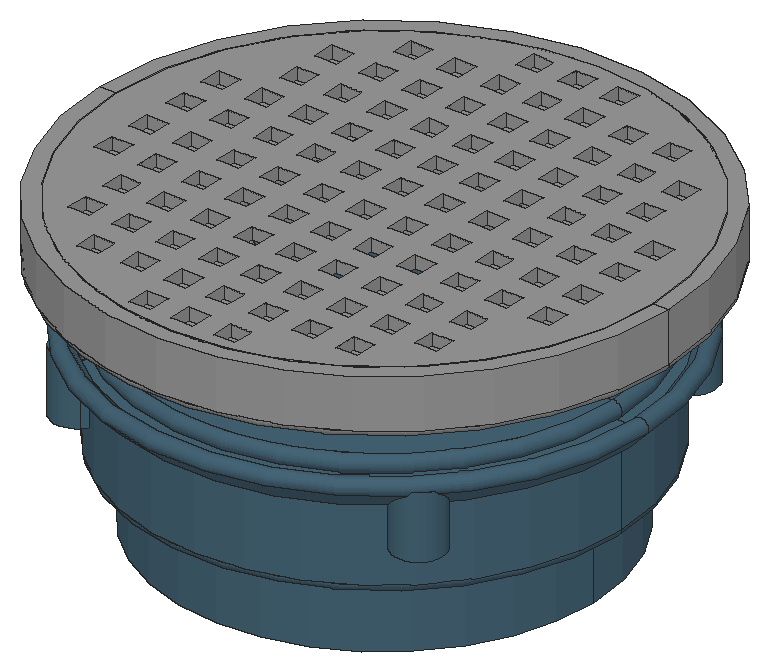
Revit family "Drain_Floor_Round-Zurn-Z415N", category Plumbing Fixtures, Revit 2022 (continued)
Types in the file's own list only (57): name | Type Comments | Strainer Top Size 9" | Strainer Top Size 7" | Strainer Open Area | Strainer Material | Strainer Diameter (B) | Pipe Size 'A' (Outer Radius) | Pipe Size 'A' (Outer Diameter) | Pipe Size 'A' (Nominal Radius) | Pipe Size 'A' (Nominal Diameter) | Pipe Size 'A' (Inner Radius) | Pipe Size 'A' (Inner Diameter) | Model | Grate Radius | Default Elevation | Body radius OD | Body Height (E) | Approx. Wt. Lbs.
  ZB415N-6IP-9B | "ZB415N with 9 Inch Strainer and 6 Inch IP Threaded Outlet" | Yes | No | 23.000 in² | Bronze - Zurn - Polished | 9.000 " | 3.313 " | 6.625 " | 3.000 " | 6.000 " | 3.033 " | 6.065 " | "ZB415N" | 4.200 " | 20.000 " | 4.175 " | 2.875 " | 23.00 lb
  ZN415N-2IP-7B | "ZN415N with 7 Inch Strainer and 2 Inch IP Threaded Outlet" | No | Yes | 12.000 in² | Bronze - Zurn - Polished Nickel | 7.000 " | 1.188 " | 2.375 " | 1.000 " | 2.000 " | 1.034 " | 2.067 " | "ZN415N" | 3.200 " | 20.000 " | 4.175 " | 2.438 " | 17.00 lb
  ZN415N-2IP-9B | "ZN415N with 9 Inch Strainer and 2 Inch IP Threaded Outlet" | Yes | No | 23.000 in² | Bronze - Zurn - Polished Nickel | 9.000 " | 1.188 " | 2.375 " | 1.000 " | 2.000 " | 1.034 " | 2.067 " | "ZN415N" | 4.200 " | 20.000 " | 4.175 " | 2.438 " | 21.00 lb
  ZN415N-2NH-7B | "ZN415N with 7 Inch Strainer and 2 Inch No-Hub Outlet" | No | Yes | 12.000 in² | Bronze - Zurn - Polished Nickel | 7.000 " | 1.188 " | 2.375 " | 1.000 " | 2.000 " | 1.034 " | 2.067 " | "ZN415N" | 3.200 " | 20.000 " | 4.175 " | 3.183 " | 17.00 lb
  ZN415N-2NH-9B | "ZN415N with 9 Inch Strainer and 2 Inch No-Hub Outlet" | Yes | No | 23.000 in² | Bronze - Zurn - Polished Nickel | 9.000 " | 1.188 " | 2.375 " | 1.000 " | 2.000 " | 1.034 " | 2.067 " | "ZN415N" | 4.200 " | 20.000 " | 4.175 " | 3.183 " | 21.00 lb
  ZN415N-2NL-7B | "ZN415N with 7 Inch Strainer and 2 Inch Neo-Lock Outlet" | No | Yes | 12.000 in² | Bronze - Zurn - Polished Nickel | 7.000 " | 1.188 " | 2.375 " | 1.000 " | 2.000 " | 1.034 " | 2.067 " | "ZN415N" | 3.200 " | 20.000 " | 4.175 " | 3.875 " | 17.00 lb
  ZN415N-2NL-9B | "ZN415N with 9 Inch Strainer and 2 Inch Neo-Lock Outlet" | Yes | No | 23.000 in² | Bronze - Zurn - Polished Nickel | 9.000 " | 1.188 " | 2.375 " | 1.000 " | 2.000 " | 1.034 " | 2.067 " | "ZN415N" | 4.200 " | 20.000 " | 4.175 " | 3.875 " | 21.00 lb
  ZN415N-3IP-7B | "ZN415N with 7 Inch Strainer and 3 Inch IP Threaded Outlet" | No | Yes | 12.000 in² | Bronze - Zurn - Polished Nickel | 7.000 " | 1.750 " | 3.500 " | 1.500 " | 3.000 " | 1.513 " | 3.026 " | "ZN415N" | 3.200 " | 20.000 " | 4.175 " | 2.750 " | 17.00 lb
  ZN415N-3IP-9B | "ZN415N with 9 Inch Strainer and 3 Inch IP Threaded Outlet" | Yes | No | 23.000 in² | Bronze - Zurn - Polished Nickel | 9.000 " | 1.750 " | 3.500 " | 1.500 " | 3.000 " | 1.513 " | 3.026 " | "ZN415N" | 4.200 " | 20.000 " | 4.175 " | 2.750 " | 21.00 lb
  ZN415N-3NH-7B | "ZN415N with 7 Inch Strainer and 3 Inch No-Hub Outlet" | No | Yes | 12.000 in² | Bronze - Zurn - Polished Nickel | 7.000 " | 1.750 " | 3.500 " | 1.500 " | 3.000 " | 1.513 " | 3.026 " | "ZN415N" | 3.200 " | 20.000 " | 4.175 " | 3.183 " | 17.00 lb
  ZN415N-3NH-9B | "ZN415N with 9 Inch Strainer and 3 Inch No-Hub Outlet" | Yes | No | 23.000 in² | Bronze - Zurn - Polished Nickel | 9.000 " | 1.750 " | 3.500 " | 1.500 " | 3.000 " | 1.513 " | 3.026 " | "ZN415N" | 4.200 " | 20.000 " | 4.175 " | 3.183 " | 21.00 lb
  ZN415N-3NL-7B | "ZN415N with 7 Inch Strainer and 3 Inch Neo-Lock Outlet" | No | Yes | 12.000 in² | Bronze - Zurn - Polished Nickel | 7.000 " | 1.750 " | 3.500 " | 1.500 " | 3.000 " | 1.513 " | 3.026 " | "ZN415N" | 3.200 " | 20.000 " | 4.175 " | 3.875 " | 17.00 lb
  ZN415N-3NL-9B | "ZN415N with 9 Inch Strainer and 3 Inch Neo-Lock Outlet" | Yes | No | 23.000 in² | Bronze - Zurn - Polished Nickel | 9.000 " | 1.750 " | 3.500 " | 1.500 " | 3.000 " | 1.513 " | 3.026 " | "ZN415N" | 4.200 " | 20.000 " | 4.175 " | 3.875 " | 21.00 lb
  ZN415N-4IP-7B | "ZN415N with 7 Inch Strainer and 4 Inch IP Threaded Outlet" | No | Yes | 12.000 in² | Bronze - Zurn - Polished Nickel | 7.000 " | 2.250 " | 4.500 " | 2.000 " | 4.000 " | 2.014 " | 4.028 " | "ZN415N" | 3.200 " | 20.000 " | 4.175 " | 2.813 " | 17.00 lb
  ZN415N-4IP-9B | "ZN415N with 9 Inch Strainer and 4 Inch IP Threaded Outlet" | Yes | No | 23.000 in² | Bronze - Zurn - Polished Nickel | 9.000 " | 2.250 " | 4.500 " | 2.000 " | 4.000 " | 2.014 " | 4.028 " | "ZN415N" | 4.200 " | 20.000 " | 4.175 " | 2.813 " | 21.00 lb
  ZN415N-4NH-7B | "ZN415N with 7 Inch Strainer and 4 Inch No-Hub Outlet" | No | Yes | 12.000 in² | Bronze - Zurn - Polished Nickel | 7.000 " | 2.250 " | 4.500 " | 2.000 " | 4.000 " | 2.014 " | 4.028 " | "ZN415N" | 3.200 " | 20.000 " | 4.175 " | 3.183 " | 17.00 lb
  ZN415N-4NH-9B | "ZN415N with 9 Inch Strainer and 4 Inch No-Hub Outlet" | Yes | No | 23.000 in² | Bronze - Zurn - Polished Nickel | 9.000 " | 2.250 " | 4.500 " | 2.000 " | 4.000 " | 2.014 " | 4.028 " | "ZN415N" | 4.200 " | 20.000 " | 4.175 " | 3.183 " | 21.00 lb
  ZN415N-4NL-7B | "ZN415N with 7 Inch Strainer and 4 Inch Neo-Lock Outlet" | No | Yes | 12.000 in² | Bronze - Zurn - Polished Nickel | 7.000 " | 2.250 " | 4.500 " | 2.000 " | 4.000 " | 2.014 " | 4.028 " | "ZN415N" | 3.200 " | 20.000 " | 4.175 " | 3.875 " | 17.00 lb
  ZN415N-4NL-9B | "ZN415N with 9 Inch Strainer and 4 Inch Neo-Lock Outlet" | Yes | No | 23.000 in² | Bronze - Zurn - Polished Nickel | 9.000 " | 2.250 " | 4.500 " | 2.000 " | 4.000 " | 2.014 " | 4.028 " | "ZN415N" | 4.200 " | 20.000 " | 4.175 " | 3.875 " | 21.00 lb
  ZN415N-6IP-9B | "ZN415N with 9 Inch Strainer and 6 Inch IP Threaded Outlet" | Yes | No | 23.000 in² | Bronze - Zurn - Polished Nickel | 9.000 " | 3.313 " | 6.625 " | 3.000 " | 6.000 " | 3.033 " | 6.065 " | "ZN415N" | 4.200 " | 20.000 " | 4.175 " | 2.875 " | 23.00 lb
